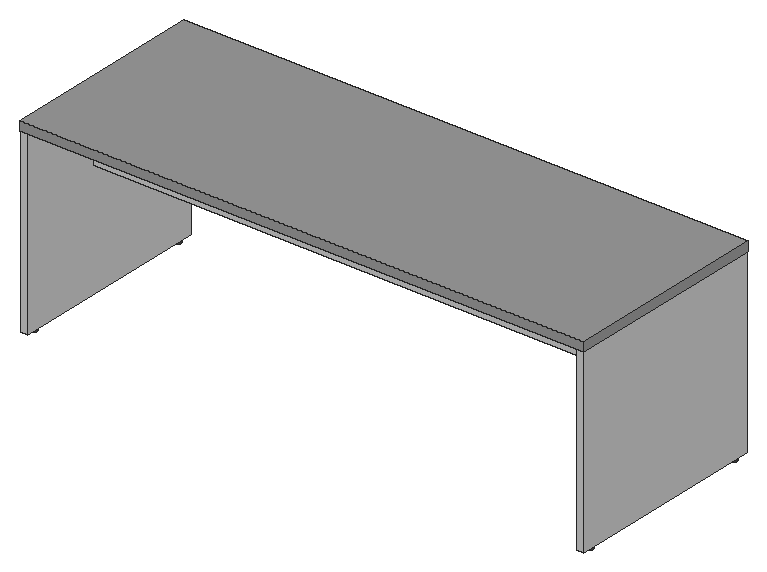
Revit family "Deck Panel Ended 800 Deep 750 High", category Furniture, Revit 2019
Family settings
  OmniClass Number = 23.40.20.00
  OmniClass Title = General Furniture and Specialties
  Work Plane-Based = No
  Always vertical = Yes
  Cut with Voids When Loaded = No
  Shared = No
  Room Calculation Point = No
Parameters (values of type "2200 x 800")
  Width = 2200 mm
  URL = "www.gof.co.uk"
  Type Comments = ""
  Side Panels = Gresham - Grey MFC
  Range = "DECK"
  Product Code = "DCTM22"
  Table Top = Filafo Dial Florenzi
  Modesty Panel = Gresham - Grey MFC
  Model = ""
  Manufacturer = "Gresham Office Furniture"  # constant formula
  Foot = Gresham - Black Plastic
  Assembly Code = "E2020200"
Types (6, lengths in mm): name | Width | Product Code | Table Top
  (no name) | 2200 | "DCTM22" | Filafo Dial Florenzi
  1400 x 800 | 1400 | "DCTM14" | Gresham - White MFC
  1600 x 800 | 1600 | "DCTM16" | Gresham - White MFC
  1800 x 800 | 1800 | "DCTM18" | Gresham - White MFC
  2000 x 800 | 2000 | "DCTM20" | Gresham - White MFC
  2200 x 800 | 2200 | "DCTM22" | Filafo Dial Florenzi
Reference planes
  plane 1 "Center (Front/Back)": y = 0
  plane 2: z = 0
  plane 3 "Center (Left/Right)": x = 0
  plane 4: x = -1100
  plane 5: x = 1100
  plane 6 "Table Underside": z = 714
  plane 7: y = 400
  plane 8: y = -400
  plane 9 "Foot": z = 10
  plane 10 "Modesty Panel": z = 464
  plane 11: y = 62.5
  plane 12: y = -62.5
Forms (mm)
  Extrusion 1, solid, material "Gresham - Black Plastic"
    sketch origin (474.491, 484.546, 0) x (0.707107, -0.707107, 0) y (0.707107, 0.707107, 0)
      loop
        circle (1021.455, -158.771) r 12
      loop
        circle (526.48, 336.203) r 12
    from 0 to 5
  Extrusion 2, solid, material "Filafo Dial Florenzi" <- "Table Top"
    sketch origin (0, 0, 714) x (-1, 0, 0) y (0, -1, 0)
      loop
        line (-1100, -400) -> (1100, -400) -> (1100, 400) -> (-1100, 400) -> (-1100, -400)
    from 0 to 36
  Extrusion 3, solid, material "Gresham - Grey MFC" <- "Side Panels"
    sketch origin (997, -1.506, 0) x (0, -1, 0) y (0, 0, 1)
      loop
        line (-399.506, 714) -> (-399.506, 10) -> (396.494, 10) -> (396.494, 714) -> (-399.506, 714)
    from -100 to -75
  Extrusion 4, solid, material "Gresham - Silver Metal"
    sketch origin (0, 0, 10) x (-1, 0, 0) y (0, -1, 0)
      loop
        circle (-1084.5, 350) r 5
      loop
        circle (-1084.5, -350) r 5
    from -5 to 0
  Extrusion 5, solid, material "Gresham - Black Plastic"
    sketch origin (-474.491, 484.546, 0) x (-0.707107, -0.707107, 0) y (0.707107, -0.707107, 0)
      loop
        circle (1021.455, 158.771) r 12
      loop
        circle (526.48, -336.203) r 12
    from 0 to 5
  Extrusion 6, solid, material "Gresham - Grey MFC" <- "Side Panels"
    sketch origin (-997, -1.506, 0) x (0, -1, 0) y (0, 0, -1)
      loop
        line (-399.506, -714) -> (396.494, -714) -> (396.494, -10) -> (-399.506, -10) -> (-399.506, -714)
    from -100 to -75
  Extrusion 7, solid, material "Gresham - Silver Metal"
    sketch origin (0, 0, 10) x (1, 0, 0) y (0, 1, 0)
      loop
        circle (-1084.5, -350) r 5
      loop
        circle (-1084.5, 350) r 5
    from -5 to 0
  Extrusion 8, solid, material "Gresham - Grey MFC" <- "Modesty Panel"
    sketch origin (0, 0, 464) x (0, -1, 0) y (1, 0, 0)
      loop
        line (62.5, 1072) -> (62.5, -1072) -> (80.5, -1072) -> (80.5, 1072) -> (62.5, 1072)
      loop
        line (-62.5, -1072) -> (-62.5, 1072) -> (-80.5, 1072) -> (-80.5, -1072) -> (-62.5, -1072)
    from 0 to 250
Dimensions and locks
  locked: plane 6 "Table Underside" to plane 2 at 714
  equal spacing: plane 4, plane 3 "Center (Left/Right)", plane 5
  "Width": plane 4 to plane 5
  equal spacing: plane 7, plane 1 "Center (Front/Back)", plane 8
  plane 7 to plane 8 = 800 mm
  locked: Extrusion 2 to level at 750
  locked: plane 10 "Modesty Panel" to plane 6 "Table Underside" at 250
  locked: Extrusion 3 to Extrusion 3 at 25
  locked: plane 7 to Extrusion 3 at 2
  locked: Extrusion 3 to plane 8 at 2
  locked: plane 9 "Foot" to plane 2 at 10
  locked: Extrusion 1 sketch curve to plane 8 at 50
  locked: plane 7 to Extrusion 1 sketch curve at 50
  locked: Extrusion 4 sketch curve to plane 8 at 50
  locked: plane 7 to Extrusion 4 sketch curve at 50
  locked: Extrusion 3 to plane 5 at 3
  locked: Extrusion 6 to Extrusion 6 at 25
  locked: plane 4 to Extrusion 6 at 3
  equal spacing: plane 12, plane 1 "Center (Front/Back)", plane 11
  plane 11 to plane 12 = 125 mm
  locked: Extrusion 2 to plane 6 "Table Underside" at 36
  radius of Extrusion 1 sketch curve = 12 mm  (x2)
  radius of Extrusion 4 sketch curve = 5 mm
  radius of Extrusion 5 sketch curve = 12 mm  (x2)
  radius of Extrusion 7 sketch curve = 5 mm
  aligned and locked: level to plane 2
  aligned and locked: Extrusion 2 to plane 8
  aligned and locked: plane 7 to Extrusion 2
  aligned and locked: Extrusion 2 sketch curve to plane 4
  aligned and locked: Extrusion 2 sketch curve to plane 8
  aligned and locked: Extrusion 2 sketch curve to plane 5
  aligned and locked: plane 7 to Extrusion 2 sketch curve
  aligned and locked: Extrusion 3 to plane 9 "Foot"
  aligned and locked: plane 9 "Foot" to Extrusion 4
  aligned and locked: Extrusion 8 to Extrusion 3  (x2)
  aligned and locked: Extrusion 8 to Extrusion 6  (x2)
  aligned and locked: plane 6 "Table Underside" to Extrusion 8
Automatic sketch dimensions
  plane 5 to Extrusion 1 sketch curve = 15.5 mm
  Extrusion 1 sketch curve to Extrusion 1 sketch curve = 494.975 mm
  Extrusion 3 sketch curve to plane 9 "Foot" = 0 mm
  Extrusion 3 sketch curve to plane 6 "Table Underside" = 0 mm
  Extrusion 3 sketch curve to plane 7 = 2 mm
  plane 8 to Extrusion 3 sketch curve = 2 mm
  plane 5 to Extrusion 4 sketch curve = 15.5 mm  (x2)
  Extrusion 5 sketch curve to plane 4 = 15.5 mm
  plane 7 to Extrusion 5 sketch curve = 50 mm
  Extrusion 5 sketch curve to Extrusion 5 sketch curve = 494.975 mm  (x2)
  Extrusion 6 sketch curve to plane 9 "Foot" = 0 mm
  Extrusion 6 sketch curve to plane 6 "Table Underside" = 0 mm
  Extrusion 6 sketch curve to plane 7 = 2 mm
  plane 8 to Extrusion 6 sketch curve = 2 mm
  Extrusion 7 sketch curve to plane 4 = 15.5 mm  (x2)
  plane 7 to Extrusion 7 sketch curve = 50 mm
  Extrusion 7 sketch curve to plane 8 = 50 mm
  Extrusion 8 sketch curve to plane 11 = 0 mm
  plane 12 to Extrusion 8 sketch curve = 0 mm
  Extrusion 8 sketch curve to Extrusion 8 sketch curve = 18 mm
  plane 12 to Extrusion 8 sketch curve = 18 mm
  plane 4 to Extrusion 8 sketch curve = 28 mm  (x2)
  plane 5 to Extrusion 8 sketch curve = 28 mm  (x2)
  radius of Extrusion 4 sketch curve = 5 mm
  radius of Extrusion 7 sketch curve = 5 mm
